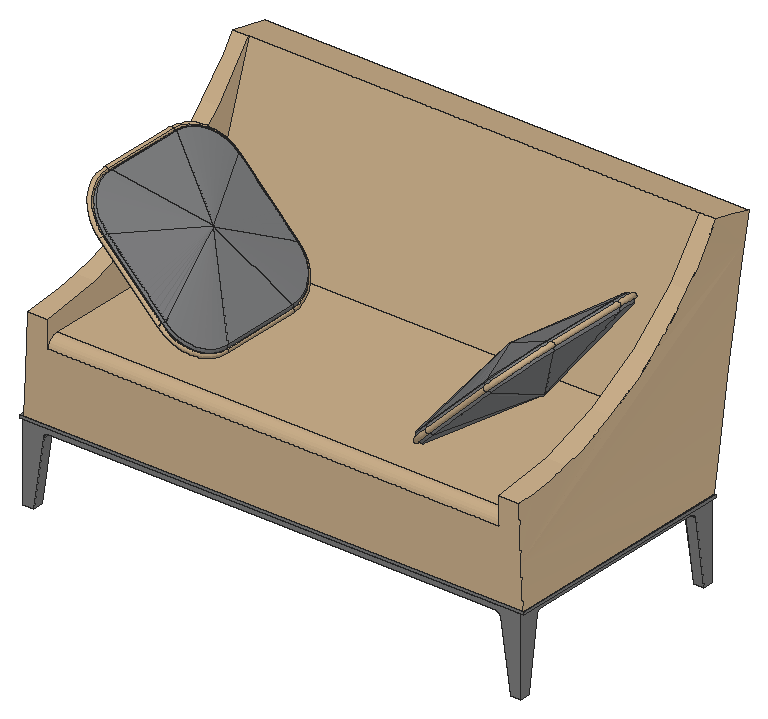
Revit family "Sofa_with_Pillows_11354", category Мебель, Revit 2017
Family settings
  Номер OmniClass = 23.40.20.00
  Заголовок OmniClass = General Furniture and Specialties
  На основе рабочей плоскости = Нет
  Всегда вертикально = Да
  При загрузке вырезать с полостями = Нет
  Общий = Нет
  Точка расчета площади = Нет
Parameters
  Wood = Wild Cherry - Mystic Brown
  View Right Pillow [instance] = yes
  View Left Pillow [instance] = yes
  Sofa = Fabric Beige
Reference planes (in)
  plane 1 "Center Front/Back": y = 0
  plane 2: z = 0
  plane 3 "Center Left/Right": x = 0
Forms (in)
  Extrusion 1, solid, material "Wild Cherry - Mystic Brown" <- "Wood"
    sketch origin (0, 0, 0) x (1, 0, 0) y (0, 0, 1)
      loop
        line (-8.54353, 7.5) -> (40.50656, 7.5) -> (40.50656, 7.75) -> (-8.54353, 7.75) -> (-8.54353, 7.5)
    from -13.88837 to 9.51317
  Extrusion 2, solid, material "Fabric Beige" <- "Sofa"
    sketch origin (0, 0, 0) x (0, 1, 0) y (0, 0, 1)
      loop
        line (18.94466, 30.125) -> (15.04455, 31.0133)
        arc (15.04455, 31.0133) -> (4.51328, 20.99869) -> (-9.45848, 16.99996) r 30.47526
        line (-9.45848, 16.99996) -> (-9.45848, 7.75) -> (13.84846, 7.75) -> (18.94466, 30.125)
    from -8.21767 to 40.50656
  Extrusion 3, void
    sketch origin (-22, 0, 0) x (1, 0, 0) y (0, 0, 1)
      loop
        line (12.62358, 31.0133) -> (12.62358, 7.7633) -> (13.78301, 7.7633)
        spline (13.78301, 7.7633) -> (13.84584, 9.14624) -> (13.91663, 10.76876) -> (13.99281, 12.58924) -> (14.07184, 14.56606) -> (14.15115, 16.65759) -> (14.22818, 18.82219) -> (14.30038, 21.01825) -> (14.36519, 23.20412) -> (14.42005, 25.33819) -> (14.4624, 27.37883) -> (14.48969, 29.28441) -> (14.49935, 31.0133)
        line (14.49935, 31.0133) -> (12.62358, 31.0133)
    from -19.03045 to 9.45848
  Extrusion 4, void
    sketch origin (0, 0, 0) x (0, 1, 0) y (0, 0, 1)
      loop
        line (15.04455, 31.0133) -> (13.9242, 31.41225) -> (-9.46856, 17.90643) -> (-9.46856, 14.30659)
        arc (-9.46856, 14.30659) -> (-9.14472, 15.08841) -> (-8.3629, 15.41225) r 1.10566
        line (-8.3629, 15.41225) -> (9.67267, 15.41225) -> (15.04455, 31.0133)
    from -5.91929 to 38.07029
  Extrusion 5, solid, material "Wild Cherry - Mystic Brown" <- "Wood"
    sketch origin (0, -9.51317, 0) x (1, 0, 0) y (0, 0, 1)
      loop
        line (-8.30056, 0) -> (-7.30055, 0) -> (-6.33137, 6.54202) -> (-6.30028, 6.65623) -> (-6.24322, 6.75994) -> (-6.16339, 6.84732) -> (-6.06524, 6.91349) -> (-5.9543, 6.95474) -> (-5.83676, 6.96875) -> (-5.80055, 6.96875) -> (15.69924, 6.96875) -> (37.73545, 6.96875) -> (37.85298, 6.95474) -> (37.96393, 6.91349) -> (38.06207, 6.84732) -> (38.14191, 6.75994) -> (38.19897, 6.65623) -> (38.23005, 6.54202) -> (39.19924, 0) -> (40.19218, 0) -> (40.19218, 7.5) -> (-8.30056, 7.5) -> (-8.30056, 0)
    from -1.05468 to -0.05468
  Extrusion 6, solid, material "Wild Cherry - Mystic Brown" <- "Wood"
    sketch origin (0, 13.88837, 0) x (1, 0, 0) y (0, 0, -1)
      loop
        line (-8.30056, 0) -> (-8.30056, -7.5) -> (40.19218, -7.5) -> (40.19218, 0) -> (39.19924, 0) -> (38.23005, -6.54202) -> (38.19897, -6.65623) -> (38.14191, -6.75994) -> (38.06207, -6.84732) -> (37.96393, -6.91349) -> (37.85298, -6.95474) -> (37.73545, -6.96875) -> (15.69924, -6.96875) -> (-5.80055, -6.96875) -> (-5.83676, -6.96875) -> (-5.9543, -6.95474) -> (-6.06524, -6.91349) -> (-6.16339, -6.84732) -> (-6.24322, -6.75994) -> (-6.30028, -6.65623) -> (-6.33137, -6.54202) -> (-7.30055, 0) -> (-8.30056, 0)
    from -1.05468 to -0.05468
  Extrusion 7, solid, material "Wild Cherry - Mystic Brown" <- "Wood"
    sketch origin (-8.35779, -23.18662, 0) x (0, 1, 0) y (0, 0, -1)
      loop
        line (13.72814, 0) -> (13.72814, -7.5) -> (37.01174, -7.5) -> (37.01174, 0) -> (36.01174, 0) -> (35.04255, -6.54202) -> (35.01147, -6.65623) -> (34.95441, -6.75994) -> (34.87457, -6.84732) -> (34.77643, -6.91349) -> (34.66548, -6.95474) -> (34.54795, -6.96875) -> (34.51174, -6.96875) -> (16.16324, -6.96875) -> (16.0457, -6.95474) -> (15.93476, -6.91349) -> (15.83661, -6.84732) -> (15.75678, -6.75994) -> (15.69972, -6.65623) -> (15.66863, -6.54202) -> (14.69945, 0) -> (13.72814, 0)
    from -1.05468 to -0.05468
  Extrusion 8, solid, material "Wild Cherry - Mystic Brown" <- "Wood"
    sketch origin (40.24686, -26.37048, -0.01885) x (0, 1, 0) y (0, 0, 1)
      loop
        line (16.912, 0) -> (17.88695, 0) -> (18.85613, 6.54202) -> (18.88722, 6.65623) -> (18.94428, 6.75994) -> (19.02411, 6.84732) -> (19.12226, 6.91349) -> (19.2332, 6.95474) -> (19.35074, 6.96875) -> (19.38695, 6.96875) -> (37.73545, 6.96875) -> (37.85298, 6.95474) -> (37.96393, 6.91349) -> (38.06207, 6.84732) -> (38.14191, 6.75994) -> (38.19897, 6.65623) -> (38.23005, 6.54202) -> (39.19924, 0) -> (40.19924, 0) -> (40.19924, 7.5) -> (16.912, 7.5) -> (16.912, 0)
    from -1.05468 to -0.05468
  Extrusion 9, void
    sketch origin (54.151, 0, 0) x (-1, 0, 0) y (0, 0, -1)
      loop
        line (12.62358, -31.0133) -> (14.49935, -31.0133)
        spline (14.49935, -31.0133) -> (14.48969, -29.28441) -> (14.4624, -27.37883) -> (14.42005, -25.33819) -> (14.36519, -23.20412) -> (14.30038, -21.01825) -> (14.22818, -18.82219) -> (14.15115, -16.65759) -> (14.07184, -14.56606) -> (13.99281, -12.58924) -> (13.91663, -10.76876) -> (13.84584, -9.14624) -> (13.78301, -7.7633)
        line (13.78301, -7.7633) -> (12.62358, -7.7633) -> (12.62358, -31.0133)
    from -19.03045 to 9.45848
Cuts and joins
  Extrusion 3, Extrusion 4, Extrusion 9 cuts Extrusion 2
  joined: Extrusion 5, Extrusion 6, Extrusion 7, Extrusion 8
Lines and regions (in)
  Split face 1
    outline origin (40.50656, -9.45848, 16.99996) x (-1, 0, 0) y (0, 0, -1)
      loop
        line (2.43627, 2.54446) -> (2.08485, 9.24996)
  Split face 2
    outline origin (40.50656, -9.45848, 16.99996) x (-1, 0, 0) y (0, 0, -1)
      loop
        line (46.42585, 2.54446) -> (46.42585, 9.24996)
  Split face 3
    outline origin (40.50656, 18.94466, 30.125) x (-1, 0, 0) y (0, -0.975029, 0.222076)
      loop
        line (46.42585, 4) -> (46.42585, 0)
      loop
        line (2.43627, 4) -> (2.43627, 0)
Dimensions and locks (in)
  aligned and locked: level to plane 2
Nested families (in)
  nested 1: "VAA Pilow" at (0, 1.33368, 16.85608), visible <- "View Left Pillow", type "VAA Pilow"
    with Show Trim yes
  nested 2: "VAA Pilow" at (32.151, 1.33368, 16.85608) x (-1, 0, 0) z (0, 0, 1), visible <- "View Right Pillow", type "VAA Pilow"
    with Show Trim yes
Definition of nested family "VAA Pilow"
  Parameters
    Trim Material = none
    Show Trim [instance] = yes
    Pillow Material = none
    Edge radius = 0' - 4"
    Build 1 = 0' - 6.15385"
  Reference planes (in)
    plane 1 "Center (Front/Back)": y = 0
    plane 2: z = 0
    plane 3 "Center (Left/Right)": x = 0
  Forms (in)
    Sweep 1, solid, material <- "Pillow Material"
      path in 3D
        loop
          arc (6.18272, 3.99212, -0.83098) -> (5.3543, 6.82055, -0.00255) -> (3.3543, 7.99212, 1.99745) r 4
          line (3.3543, 7.99212, 1.99745) -> (-2.30256, 7.99212, 7.6543)
          arc (-2.30256, 7.99212, 7.6543) -> (-4.30256, 6.82055, 9.6543) -> (-5.13098, 3.99212, 10.48273) r 4
          line (-5.13098, 3.99212, 10.48273) -> (-5.13098, -4.00788, 10.48273)
          arc (-5.13098, -4.00788, 10.48273) -> (-4.30256, -6.8363, 9.6543) -> (-2.30256, -8.00788, 7.6543) r 4
          line (-2.30256, -8.00788, 7.6543) -> (3.3543, -8.00788, 1.99745)
          arc (3.3543, -8.00788, 1.99745) -> (5.3543, -6.8363, -0.00255) -> (6.18272, -4.00788, -0.83098) r 4
          line (6.18272, -4.00788, -0.83098) -> (6.18272, 3.99212, -0.83098)
      profile origin (6.18272, -0.00788, -0.83098) x (1, 0, 0) y (0, 0, -1)
        loop
          arc (0, 0) -> (-0.22999, 0.47712) -> (-0.70711, 0.70711) r 0.8027
          line (-0.70711, 0.70711) -> (0, 0)
    Sweep 2, solid, material <- "Trim Material", visible <- "Show Trim"
      path in 3D
        loop
          arc (6.18272, 3.99212, -0.83098) -> (5.3543, 6.82055, -0.00255) -> (3.3543, 7.99212, 1.99745) r 4
          line (3.3543, 7.99212, 1.99745) -> (-2.30256, 7.99212, 7.6543)
          arc (-2.30256, 7.99212, 7.6543) -> (-4.30256, 6.82055, 9.6543) -> (-5.13098, 3.99212, 10.48273) r 4
          line (-5.13098, 3.99212, 10.48273) -> (-5.13098, -4.00788, 10.48273)
          arc (-5.13098, -4.00788, 10.48273) -> (-4.30256, -6.8363, 9.6543) -> (-2.30256, -8.00788, 7.6543) r 4
          line (-2.30256, -8.00788, 7.6543) -> (3.3543, -8.00788, 1.99745)
          arc (3.3543, -8.00788, 1.99745) -> (5.3543, -6.8363, -0.00255) -> (6.18272, -4.00788, -0.83098) r 4
          line (6.18272, -4.00788, -0.83098) -> (6.18272, 3.99212, -0.83098)
      profile origin (6.18272, -0.00788, -0.83098) x (-0.707107, 0, -0.707107) y (-0.707107, 0, 0.707107)
        loop
          circle (0.5, -0.26205) r 0.22951
    Blend 3, solid, material <- "Pillow Material"
      base sketch origin (-1.2419, -0.00788, 3.05811) x (0, 1, 0) y (-0.707107, 0, 0.707107)
        loop
          arc (-8, -4) -> (-6.82843, -6.82843) -> (-4, -8) r 4
          line (-4, -8) -> (4, -8)
          arc (4, -8) -> (6.82843, -6.82843) -> (8, -4) r 4
          line (8, -4) -> (8, 4)
          arc (8, 4) -> (6.82843, 6.82843) -> (4, 8) r 4
          line (4, 8) -> (-4, 8)
          arc (-4, 8) -> (-6.82843, 6.82843) -> (-8, 4) r 4
          line (-8, 4) -> (-8, -4)
      top sketch origin (-1.2419, -0.00788, 3.05811) x (0, 1, 0) y (-0.707107, 0, 0.707107)
        loop
          circle (0.00788, 0.14521) r 0.03155
      from 2.5 to 4.25
    Blend 4, solid, material <- "Pillow Material"
      base sketch origin (1.58653, -0.00788, 5.88654) x (0, 1, 0) y (0.707107, 0, -0.707107)
        loop
          line (-8, 4) -> (-8, -4)
          arc (-8, -4) -> (-6.82843, -6.82843) -> (-4, -8) r 4
          line (-4, -8) -> (4, -8)
          arc (4, -8) -> (6.82843, -6.82843) -> (8, -4) r 4
          line (8, -4) -> (8, 4)
          arc (8, 4) -> (6.82843, 6.82843) -> (4, 8) r 4
          line (4, 8) -> (-4, 8)
          arc (-4, 8) -> (-6.82843, 6.82843) -> (-8, 4) r 4
      top sketch origin (1.58653, -0.00788, 5.88654) x (0, 1, 0) y (0.707107, 0, -0.707107)
        loop
          circle (0.00788, -0.14521) r 0.03155
      from 2.5 to 4.5
  Lines and regions (in)
    sketch lines
      curve 1: line (6.18272, -4.00788, -0.83098) -> (6.18272, 3.99212, -0.83098)
      curve 2: line (-2.30256, -8.00788, 7.6543) -> (3.3543, -8.00788, 1.99745)
      curve 3: arc (-5.13098, -4.00788, 10.48273) -> (-4.30256, -6.8363, 9.6543) -> (-2.30256, -8.00788, 7.6543) r 4
      curve 4: arc (6.18272, 3.99212, -0.83098) -> (5.3543, 6.82055, -0.00255) -> (3.3543, 7.99212, 1.99745) r 4
      curve 5: line (3.3543, 7.99212, 1.99745) -> (-2.30256, 7.99212, 7.6543)
      curve 6: arc (-2.30256, 7.99212, 7.6543) -> (-4.30256, 6.82055, 9.6543) -> (-5.13098, 3.99212, 10.48273) r 4
      curve 7: line (-5.13098, 3.99212, 10.48273) -> (-5.13098, -4.00788, 10.48273)
      curve 8: arc (3.3543, -8.00788, 1.99745) -> (5.3543, -6.8363, -0.00255) -> (6.18272, -4.00788, -0.83098) r 4
      curve 9: line (6.18272, -4.00788, -0.83098) -> (6.18272, 3.99212, -0.83098)
      curve 10: arc (3.3543, -8.00788, 1.99745) -> (5.3543, -6.8363, -0.00255) -> (6.18272, -4.00788, -0.83098) r 4
      curve 11: line (-2.30256, -8.00788, 7.6543) -> (3.3543, -8.00788, 1.99745)
      curve 12: arc (-5.13098, -4.00788, 10.48273) -> (-4.30256, -6.8363, 9.6543) -> (-2.30256, -8.00788, 7.6543) r 4
      curve 13: arc (6.18272, 3.99212, -0.83098) -> (5.3543, 6.82055, -0.00255) -> (3.3543, 7.99212, 1.99745) r 4
      curve 14: line (-5.13098, 3.99212, 10.48273) -> (-5.13098, -4.00788, 10.48273)
      curve 15: arc (-2.30256, 7.99212, 7.6543) -> (-4.30256, 6.82055, 9.6543) -> (-5.13098, 3.99212, 10.48273) r 4
      curve 16: line (3.3543, 7.99212, 1.99745) -> (-2.30256, 7.99212, 7.6543)
  Dimensions and locks (in)
    aligned and locked: plane 2 to level
    aligned and locked: Sweep 1 to Blend 4
